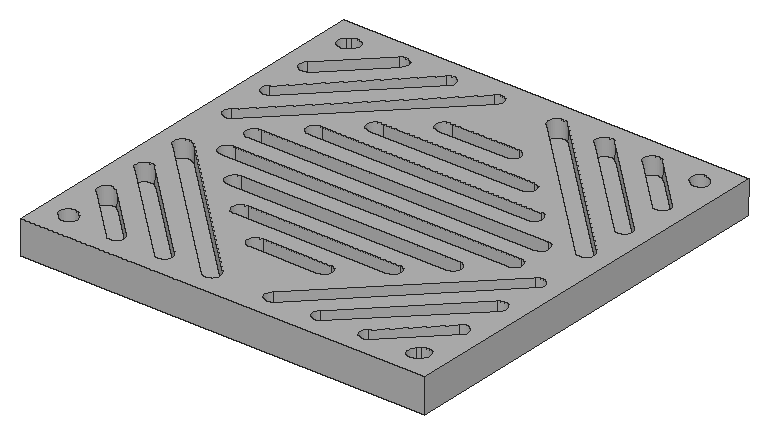
Revit family "dBA-2-inch-Ceiling-and-Wall-Panels-24x24-1", category Specialty Equipment, Revit 2026
Family settings
  Round Connector Dimension = Use Diameter
  Part Type = Normal
  Classification Number = 23.35.00.00
  Work Plane-Based = Yes
  Enable Cutting in Views = Yes
  Always vertical = No
  Cut with Voids When Loaded = No
  Maintain Annotation Orientation = No
  Shared = No
  Room Calculation Point = No
Parameters (values of type "Charcoal")
  URL = "https://www.acousticalsurfaces.com/sound-silencer/dba-ceiling-wall-panel/"
  Type Comments = "dBA Ceiling and Wall Panels"
  Recycled Content Percentage = "0%"
  Model = "Sound Silencer - dBA Ceiling and Wall Panels"
  Material = "Sound Silencer dBA"
  Manufacturer = "Acoustical Surfaces, Inc."
  Fire Rating = "ASTM E84 - Class A"
  Finish = Paint - Acoustical-Surfaces - dBA - Charcoal
  Description = "dBA Ceiling and Wall Panels"
  Default Elevation = 4' - 0"
  Assembly Code = "C30"
  Acoustics - NRC = "Sound absorption varies from NRC 0.45 to 0.95 based on installation method used when tested per ASTM C423."
Types (2): name | Finish
  Charcoal | Paint - Acoustical-Surfaces - dBA - Charcoal
  White | Paint - Acoustical-Surfaces - dBA - White
Reference planes (in)
  plane 1 "Center (Front/Back)": y = 0
  plane 2: z = 0
  plane 3 "Center (Left/Right)": x = 0
  plane 4: x = -12
  plane 5: x = 12
  plane 6: y = 12
  plane 7: y = -12
  plane 8: z = 2
Forms (in)
  Extrusion 1, solid, material "Paint - Acoustical-Surfaces - dBA - Charcoal" <- "Finish"
    sketch origin (0, 0, 0) x (1, 0, 0) y (0, 1, 0)
      loop
        line (12, 12) -> (-12, 12) -> (-12, -12) -> (12, -12) -> (12, 12)
    from 0 to 1
  Extrusion 2, solid, material "Paint - Acoustical-Surfaces - dBA - Charcoal" <- "Finish"
    sketch origin (0, 0, 1) x (1, 0, 0) y (0, 1, 0)
      loop
        line (12, 12) -> (-12, 12) -> (-12, -12) -> (12, -12) -> (12, 12)
      loop
        arc (-10.14645, -9.96967) -> (-10.85355, -9.96967) -> (-10.85355, -10.67678) r 0.5
        line (-10.85355, -10.67678) -> (-10.67678, -10.85355)
        arc (-10.67678, -10.85355) -> (-9.96967, -10.85355) -> (-9.96967, -10.14645) r 0.5
        line (-9.96967, -10.14645) -> (-10.14645, -9.96967)
      loop
        arc (-7.84835, -10.85355) -> (-7.14124, -10.85355) -> (-7.14124, -10.14645) r 0.5
        line (-7.14124, -10.14645) -> (-10.14645, -7.14124)
        arc (-10.14645, -7.14124) -> (-10.85355, -7.14124) -> (-10.85355, -7.84835) r 0.5
        line (-10.85355, -7.84835) -> (-7.84835, -10.85355)
      loop
        arc (-5.01992, -10.85355) -> (-4.31282, -10.85355) -> (-4.31282, -10.14645) r 0.5
        line (-4.31282, -10.14645) -> (-10.14645, -4.31282)
        arc (-10.14645, -4.31282) -> (-10.85355, -4.31282) -> (-10.85355, -5.01992) r 0.5
        line (-10.85355, -5.01992) -> (-5.01992, -10.85355)
      loop
        arc (-2.1915, -10.85355) -> (-1.48439, -10.85355) -> (-1.48439, -10.14645) r 0.5
        line (-1.48439, -10.14645) -> (-10.14645, -1.48439)
        arc (-10.14645, -1.48439) -> (-10.85355, -1.48439) -> (-10.85355, -2.1915) r 0.5
        line (-10.85355, -2.1915) -> (-2.1915, -10.85355)
      loop
        arc (2, -7.5) -> (2.5, -7) -> (2, -6.5) r 0.5
        line (2, -6.5) -> (-2, -6.5)
        arc (-2, -6.5) -> (-2.5, -7) -> (-2, -7.5) r 0.5
        line (-2, -7.5) -> (2, -7.5)
      loop
        arc (4.5, -5.5) -> (5, -5) -> (4.5, -4.5) r 0.5
        line (4.5, -4.5) -> (-4.5, -4.5)
        arc (-4.5, -4.5) -> (-5, -5) -> (-4.5, -5.5) r 0.5
        line (-4.5, -5.5) -> (4.5, -5.5)
      loop
        arc (6.5, -3.5) -> (7, -3) -> (6.5, -2.5) r 0.5
        line (6.5, -2.5) -> (-6.5, -2.5)
        arc (-6.5, -2.5) -> (-7, -3) -> (-6.5, -3.5) r 0.5
        line (-6.5, -3.5) -> (6.5, -3.5)
      loop
        arc (8.5, -1.5) -> (9, -1) -> (8.5, -0.5) r 0.5
        line (8.5, -0.5) -> (-8.5, -0.5)
        arc (-8.5, -0.5) -> (-9, -1) -> (-8.5, -1.5) r 0.5
        line (-8.5, -1.5) -> (8.5, -1.5)
      loop
        arc (8.5, 0.5) -> (9, 1) -> (8.5, 1.5) r 0.5
        line (8.5, 1.5) -> (-8.5, 1.5)
        arc (-8.5, 1.5) -> (-9, 1) -> (-8.5, 0.5) r 0.5
        line (-8.5, 0.5) -> (8.5, 0.5)
      loop
        arc (6.5, 2.5) -> (7, 3) -> (6.5, 3.5) r 0.5
        line (6.5, 3.5) -> (-6.5, 3.5)
        arc (-6.5, 3.5) -> (-7, 3) -> (-6.5, 2.5) r 0.5
        line (-6.5, 2.5) -> (6.5, 2.5)
      loop
        arc (4.5, 4.5) -> (5, 5) -> (4.5, 5.5) r 0.5
        line (4.5, 5.5) -> (-4.5, 5.5)
        arc (-4.5, 5.5) -> (-5, 5) -> (-4.5, 4.5) r 0.5
        line (-4.5, 4.5) -> (4.5, 4.5)
      loop
        line (-2, 6.5) -> (2, 6.5)
        arc (2, 6.5) -> (2.5, 7) -> (2, 7.5) r 0.5
        line (2, 7.5) -> (-2, 7.5)
        arc (-2, 7.5) -> (-2.5, 7) -> (-2, 6.5) r 0.5
      loop
        arc (-1.48439, 10.14645) -> (-1.48439, 10.85355) -> (-2.1915, 10.85355) r 0.5
        line (-2.1915, 10.85355) -> (-10.85355, 2.1915)
        arc (-10.85355, 2.1915) -> (-10.85355, 1.48439) -> (-10.14645, 1.48439) r 0.5
        line (-10.14645, 1.48439) -> (-1.48439, 10.14645)
      loop
        arc (-4.31282, 10.14645) -> (-4.31282, 10.85355) -> (-5.01992, 10.85355) r 0.5
        line (-5.01992, 10.85355) -> (-10.85355, 5.01992)
        arc (-10.85355, 5.01992) -> (-10.85355, 4.31282) -> (-10.14645, 4.31282) r 0.5
        line (-10.14645, 4.31282) -> (-4.31282, 10.14645)
      loop
        arc (-7.14124, 10.14645) -> (-7.14124, 10.85355) -> (-7.84835, 10.85355) r 0.5
        line (-7.84835, 10.85355) -> (-10.85355, 7.84835)
        arc (-10.85355, 7.84835) -> (-10.85355, 7.14124) -> (-10.14645, 7.14124) r 0.5
        line (-10.14645, 7.14124) -> (-7.14124, 10.14645)
      loop
        line (-10.14645, 9.96967) -> (-9.96967, 10.14645)
        arc (-9.96967, 10.14645) -> (-9.96967, 10.85355) -> (-10.67678, 10.85355) r 0.5
        line (-10.67678, 10.85355) -> (-10.85355, 10.67678)
        arc (-10.85355, 10.67678) -> (-10.85355, 9.96967) -> (-10.14645, 9.96967) r 0.5
      loop
        arc (10.14645, 1.48439) -> (10.85355, 1.48439) -> (10.85355, 2.1915) r 0.5
        line (10.85355, 2.1915) -> (2.1915, 10.85355)
        arc (2.1915, 10.85355) -> (1.48439, 10.85355) -> (1.48439, 10.14645) r 0.5
        line (1.48439, 10.14645) -> (10.14645, 1.48439)
      loop
        arc (10.14645, 4.31282) -> (10.85355, 4.31282) -> (10.85355, 5.01992) r 0.5
        line (10.85355, 5.01992) -> (5.01992, 10.85355)
        arc (5.01992, 10.85355) -> (4.31282, 10.85355) -> (4.31282, 10.14645) r 0.5
        line (4.31282, 10.14645) -> (10.14645, 4.31282)
      loop
        arc (10.14645, 7.14124) -> (10.85355, 7.14124) -> (10.85355, 7.84835) r 0.5
        line (10.85355, 7.84835) -> (7.84835, 10.85355)
        arc (7.84835, 10.85355) -> (7.14124, 10.85355) -> (7.14124, 10.14645) r 0.5
        line (7.14124, 10.14645) -> (10.14645, 7.14124)
      loop
        arc (10.14645, 9.96967) -> (10.85355, 9.96967) -> (10.85355, 10.67678) r 0.5
        line (10.85355, 10.67678) -> (10.67678, 10.85355)
        arc (10.67678, 10.85355) -> (9.96967, 10.85355) -> (9.96967, 10.14645) r 0.5
        line (9.96967, 10.14645) -> (10.14645, 9.96967)
      loop
        arc (1.48439, -10.14645) -> (1.48439, -10.85355) -> (2.1915, -10.85355) r 0.5
        line (2.1915, -10.85355) -> (10.85355, -2.1915)
        arc (10.85355, -2.1915) -> (10.85355, -1.48439) -> (10.14645, -1.48439) r 0.5
        line (10.14645, -1.48439) -> (1.48439, -10.14645)
      loop
        arc (4.31282, -10.14645) -> (4.31282, -10.85355) -> (5.01992, -10.85355) r 0.5
        line (5.01992, -10.85355) -> (10.85355, -5.01992)
        arc (10.85355, -5.01992) -> (10.85355, -4.31282) -> (10.14645, -4.31282) r 0.5
        line (10.14645, -4.31282) -> (4.31282, -10.14645)
      loop
        arc (7.14124, -10.14645) -> (7.14124, -10.85355) -> (7.84835, -10.85355) r 0.5
        line (7.84835, -10.85355) -> (10.85355, -7.84835)
        arc (10.85355, -7.84835) -> (10.85355, -7.14124) -> (10.14645, -7.14124) r 0.5
        line (10.14645, -7.14124) -> (7.14124, -10.14645)
      loop
        arc (9.96967, -10.14645) -> (9.96967, -10.85355) -> (10.67678, -10.85355) r 0.5
        line (10.67678, -10.85355) -> (10.85355, -10.67678)
        arc (10.85355, -10.67678) -> (10.85355, -9.96967) -> (10.14645, -9.96967) r 0.5
        line (10.14645, -9.96967) -> (9.96967, -10.14645)
    from 0 to 1
Cuts and joins
  joined: Extrusion 1, Extrusion 2
Dimensions and locks (in)
  aligned and locked: level to plane 2
